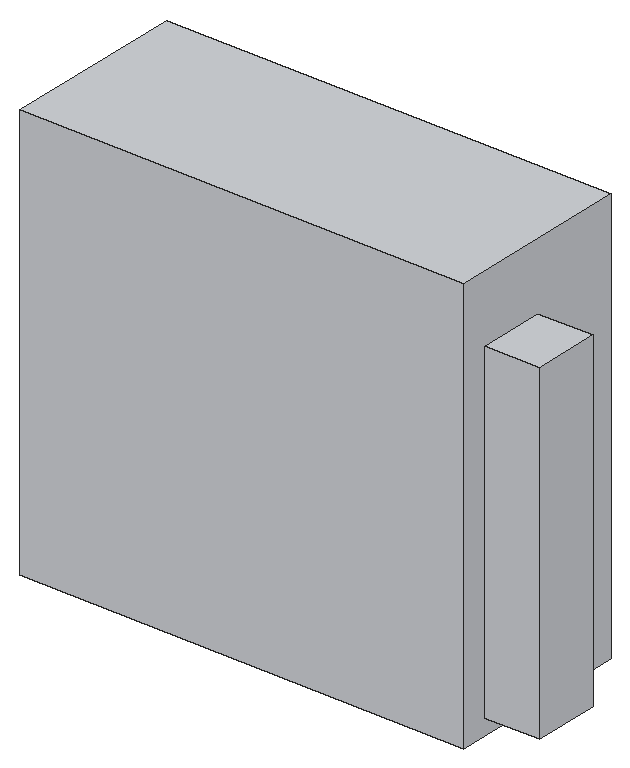
Revit family "EQM-CONDENSADORA_RETANGULAR-SPLIT-P7000_60000BTU", category Equipamento mecânico, Revit 2025
Family settings
  Cota do conector redondo = Utilizar diâmetro
  Classificação = Nenhum
  Tipo de parte = Normal
  Com base no plano de trabalho = Não
  Sempre na vertical = Sim
  Corte com vazios quando carregada = Não
  Manter orientação da anotação = Não
  Compartilhado = Não
  Ponto de cálculo do ambiente = Não
Parameters (values of type "12000 BTU/H")
  Raio do conector = Diâmetro frigorígena / 2  # 37.5 mm
  Profundidade do conector = 10 mm
  Profundidade = 330 mm
  Offset proteção dos conectores = 30 mm
  Largura da proteção = 100 mm
  Largura = 800 mm
  Elevação padrão = 0 mm
  Diâmetro frigorígena = 75 mm
  Comprimento da proteção = 120 mm
  Comprimento = 560 mm
  BTU/H = 12000 Btu/h
  Altura do conector = 150 mm
  Altura da proteção = 600 mm
  Altura = 750 mm
Types (2, lengths in mm): name | BTU/H
  12000 BTU/H | 12000 Btu/h
  9000 BTU/h | 9000 Btu/h
Reference planes
  plane 1 "Center (Front/Back)": y = 0
  plane 2: z = 0
  plane 3 "Center (Left/Right)": x = 0
  plane 4 "Largura Máquina B": x = -400
  plane 5 "Largura Máquina A": x = 400
  plane 6 "Profundidade Total B": y = 165
  plane 7 "Profundidade Total A": y = -165
  plane 8 "Altura Maquina": z = 750
  plane 9 "Largura Proteção C": x = 500
  plane 10 "Comprimento Proteção": y = -120
  plane 11 "Altura Proteção": z = 630
  plane 12 "Offset Proteção": z = 30
  plane 13 "Profundidade do coenctor": y = -10
  plane 14 "Centro do conector": x = 450
Forms (mm)
  Extrusion 1, solid
    sketch origin (0, 0, 0) x (1, 0, 0) y (0, 1, 0)
      loop
        line (-400, 165) -> (-400, -165) -> (400, -165) -> (400, 165) -> (-400, 165)
    from 0 to 750
  Extrusion 2, solid
    sketch origin (0, 0, 0) x (1, 0, 0) y (0, 1, 0)
      loop
        line (400, 0) -> (400, -120) -> (500, -120) -> (500, 0) -> (400, 0)
    from 30 to 630
  Extrusion 3, void
    sketch origin (0, 0, 0) x (1, 0, 0) y (0, 0, 1)
      loop
        circle (450, 180) r 37.5
    from 0 to 10
Cuts and joins
  Extrusion 3 cuts Extrusion 2
Dimensions and locks
  equal spacing: plane 4 "Largura Máquina B", plane 3 "Center (Left/Right)", plane 5 "Largura Máquina A"
  "Largura": plane 4 "Largura Máquina B" to plane 5 "Largura Máquina A"
  equal spacing: plane 6 "Profundidade Total B", plane 1 "Center (Front/Back)", plane 7 "Profundidade Total A"
  "Profundidade": plane 6 "Profundidade Total B" to plane 7 "Profundidade Total A"
  "Altura": plane 8 "Altura Maquina" to level
  "Offset proteção dos conectores": plane 12 "Offset Proteção" to level
  "Altura da proteção": plane 11 "Altura Proteção" to plane 12 "Offset Proteção"
  "Largura da proteção": plane 5 "Largura Máquina A" to plane 9 "Largura Proteção C"
  "Comprimento da proteção": plane 1 "Center (Front/Back)" to plane 10 "Comprimento Proteção"
  "Altura do conector": Extrusion 3 sketch curve to plane 12 "Offset Proteção"
  "Profundidade do conector": plane 1 "Center (Front/Back)" to plane 13 "Profundidade do coenctor"
  equal spacing: plane 5 "Largura Máquina A", plane 14 "Centro do conector", plane 9 "Largura Proteção C"
  "Raio do conector": radius of Extrusion 3 sketch curve
  aligned and locked: level to plane 2
  aligned and locked: plane 6 "Profundidade Total B" to Extrusion 1
  aligned and locked: Extrusion 1 to plane 7 "Profundidade Total A"
  aligned and locked: Extrusion 1 to plane 5 "Largura Máquina A"
  aligned and locked: Extrusion 1 to plane 4 "Largura Máquina B"
  aligned and locked: plane 8 "Altura Maquina" to Extrusion 1
  aligned and locked: plane 5 "Largura Máquina A" to Extrusion 2
  aligned and locked: Extrusion 2 to plane 1 "Center (Front/Back)"
  aligned and locked: plane 9 "Largura Proteção C" to Extrusion 2
  aligned and locked: Extrusion 2 to plane 10 "Comprimento Proteção"
  aligned and locked: plane 11 "Altura Proteção" to Extrusion 2
  aligned and locked: Extrusion 2 to plane 12 "Offset Proteção"
  aligned and locked: cut or joined group of Extrusion 2, Extrusion 3 to plane 1 "Center (Front/Back)"
  aligned and locked: cut or joined group of Extrusion 2, Extrusion 3 to plane 13 "Profundidade do coenctor"
  aligned and locked: plane 14 "Centro do conector" to Extrusion 3 sketch curve
Automatic sketch dimensions
  Extrusion 1 sketch curve to plane 4 "Largura Máquina B" = 0 mm
  Extrusion 1 sketch curve to plane 5 "Largura Máquina A" = 0 mm
  plane 7 "Profundidade Total A" to Extrusion 1 sketch curve = 0 mm
  Extrusion 1 sketch curve to plane 6 "Profundidade Total B" = 0 mm
  Extrusion 2 sketch curve to plane 5 "Largura Máquina A" = 0 mm
  plane 1 "Center (Front/Back)" to Extrusion 2 sketch curve = 0 mm
  Extrusion 2 sketch curve to plane 9 "Largura Proteção C" = 0 mm
  Extrusion 2 sketch curve to plane 7 "Profundidade Total A" = 45 mm
Connectors
  hvac at (450, -10, 180), driven by "Diâmetro frigorígena"
    settings: on cut or joined group of Extrusion 2, Extrusion 3, index 1, duct flow 0.0 L/s, flow factor 0, pres drop 0.0 Pa, loss coef 0, conn angle 0.00°, conn width 304.8 mm, conn height 304.8 mm, conn diameter 75 mm, duct sys type 1, conn prof type 0, flow config 0, flow direction 0, loss method 0, conn ref index -1, conn util no, is conn primary yes, conn desc ""
